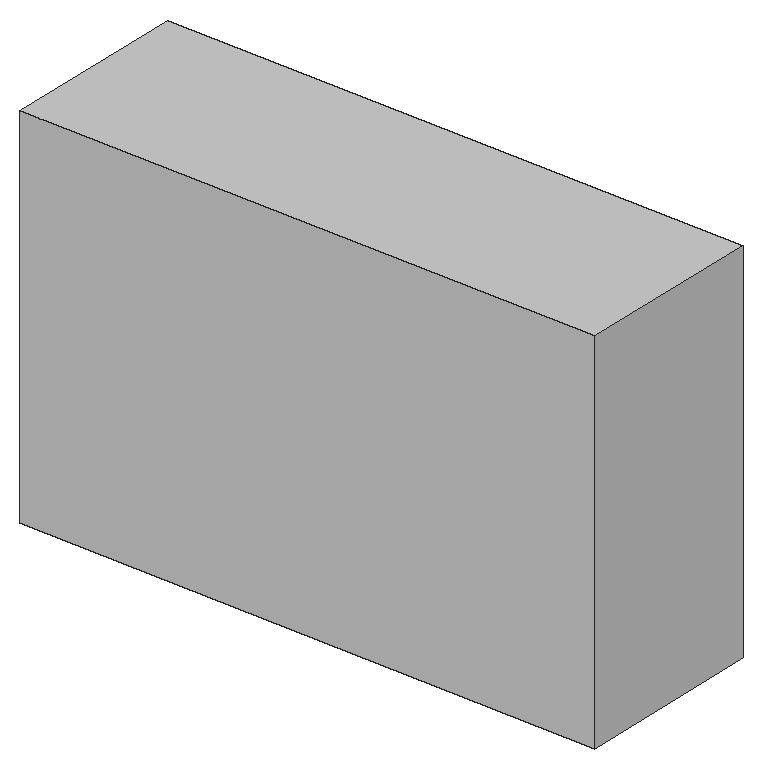
Revit family "d23e4351b1e04c39ae0ee2eba202c0cf", category Structural Framing, Revit 2023
Family settings
  Display in Hidden Views = Edges Hidden by Other Members
  Structural Framing Length Roundoff = 1 mm
  Section Shape = Not Defined
  Material for Model Behavior = Concrete
  Always export as geometry = No
  Always vertical = Yes
  Cut with Voids When Loaded = No
  Symbolic Representation = From Family
  Shared = No
  Show family pre-cut in plan views = Yes
Parameters (values of type "400 x 800mm")
  Structural Material [instance] = Concrete - Cast-in-Place Concrete
  Keynote = "E"
  Assembly Code = ""
  Length [instance] = 1524 mm
  b = 400 mm
  h = 800 mm
Types (3, lengths in mm): name | b | h
  (no name) | 400 | 800
  400 x 800mm | 400 | 800
  300 x 600mm | 300 | 600
Reference planes
  plane 1 "Center (Front/Back)": y = 0
  plane 2: z = 0
  plane 3 "Center (Left/Right)": x = 4.61
  plane 4 "Member Left": x = -604.99
  plane 5 "Member Right": x = 614.21
  plane 6: y = 200
  plane 7: y = -200
  plane 8: z = 400
  plane 9 "Bottom": z = -400
  plane 10 "Left": x = -757.39
  plane 11 "Right": x = 766.61
  plane 12: x = -617.69
  plane 13: x = 626.91
Forms (mm)
  Sweep 1, solid, material "Concrete - Cast-in-Place Concrete" <- "Structural Material"
    path origin (0, 0, 0) x (1, 0, 0) y (0, 1, 0)
      loop
        line (626.91, 0) -> (-617.69, 0)
    profile "M_Rectangular Beam-Profile : M_Rectangular Beam-Profile" origin (4.61, 0, 0) x (0, -1, 0) y (0, 0, 1)
      loop
        line (-200, -400) -> (200, -400) -> (200, 400) -> (-200, 400) -> (-200, -400)
Dimensions and locks
  "b": plane 6 to plane 7
  equal spacing: plane 9 "Bottom", plane 2, plane 8
  equal spacing: plane 6, plane 1 "Center (Front/Back)", plane 7
  "h": plane 9 "Bottom" to plane 8
  "Length": plane 10 "Left" to plane 11 "Right"
  locked: plane 12 to plane 4 "Member Left" at 12.7
  locked: plane 5 "Member Right" to plane 13 at 12.7
  aligned and locked: Sweep 1 sketch curve to plane 1 "Center (Front/Back)"
  aligned and locked: plane 12 to Sweep 1 sketch curve
  aligned and locked: plane 13 to Sweep 1 sketch curve
